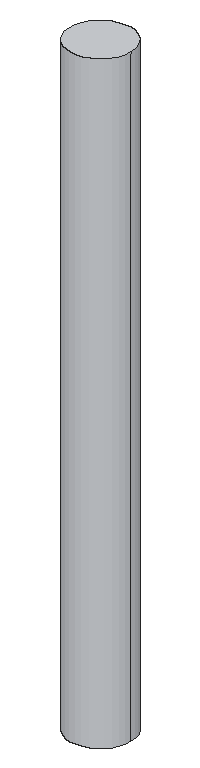
Revit family "66235e8023d54019961f7c6978c8c528", category Columns, Revit 2025
Family settings
  Cut with Voids When Loaded = No
  Automatically joins geometry to walls = Yes
  Shared = No
  Show family pre-cut in plan views = Yes
Parameters (values of type "300mm_Diameter")
  Keynote = "G"
  Diameter = 300.00 mm
  Material = none
  Offset Base = 0.00 mm
  Offset Top = 0.00 mm
Types (4, lengths in mm): name | Diameter
  (no name) | 300.00
  150mm_Diameter | 150.00
  300mm_Diameter | 300.00
  600mm_Diameter | 600.00
Reference planes
  plane 1: y = 0
  plane 2: z = 0
  plane 3: x = 0
  plane 4: x = -150
  plane 5: x = 150
  plane 6: y = 150
  plane 7: y = -150
  plane 8: z = 3000
  plane 9: z = 0
Forms (mm)
  Extrusion 1, solid, material <- "Material"
    sketch origin (0, 0, 0) x (1, 0, 0) y (0, 1, 0)
      loop
        arc (-150, 0) -> (0, -150) -> (150, 0) r 150
        arc (150, 0) -> (106.066, 106.066) -> (0, 150) r 150
        arc (0, 150) -> (-106.066, 106.066) -> (-150, 0) r 150
    from 0 to 3000
Dimensions and locks
  equal spacing: plane 4, plane 3, plane 5
  "Diameter": plane 4 to plane 5
  equal spacing: plane 6, plane 1, plane 7
  "Diameter": plane 7 to plane 6
  "Offset Base": plane 9 to level
  "Offset Top": level to plane 8
  aligned and locked: Extrusion 1 to plane 9
  aligned and locked: plane 8 to Extrusion 1
Automatic sketch dimensions
  Extrusion 1 sketch curve to plane 1 = 0.00 mm  (x2)
  Extrusion 1 sketch curve to plane 4 = 0.00 mm  (x2)
  Extrusion 1 sketch curve to plane 3 = 0.00 mm
